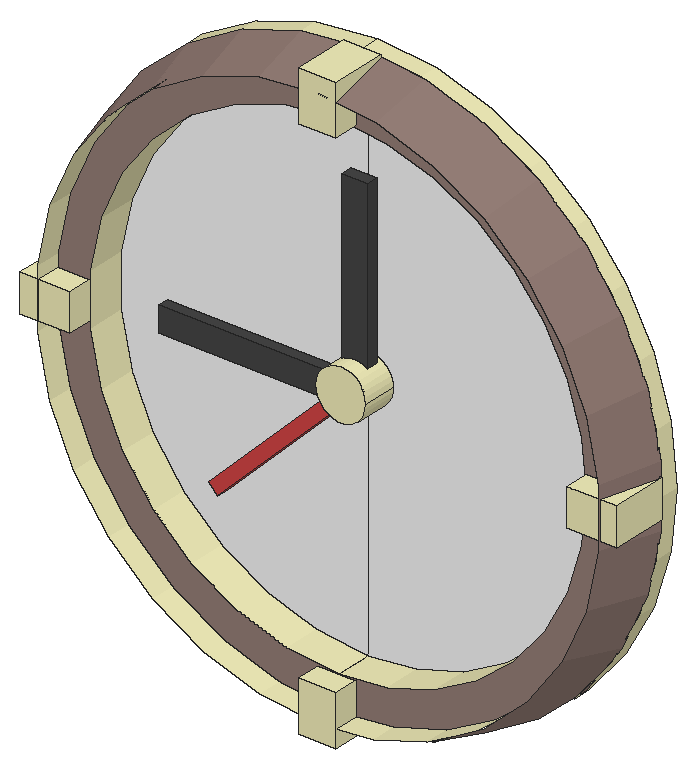
Revit family
Parameters (values of type "Clock - Analog")
  s = facrad * 0.8  # 0' - 4"
  m = facrad * 0.75  # 0' - 3 3/4"
  h = facrad * 0.5  # 0' - 2 1/2"
  facrad = rad - 0' 1"  # 0' - 5"
  facloc = Projection + 0' 0 1/2"  # 0' - 1 1/2"
  Warranty Duration (Years) = 1
  Test Data = ""
  Specification = "http://www.arcat.com/divs/sec/sec12460.shtml"
  Second Hand = yes
  Sales Information = ""
  Projection = 0' - 1"
  Product Properties = "http://www.arcat.com/bim/bim_info.pl?fn=Clock_Analog"
  Product Data = "http://www.arcat.com/divs/sec/sec12460.shtml"
  Power = "{9V Battery}{12VDC}"
  Model = "Generic"  # constant formula
  Manufacturer Website = "http://www.arcat.com/"
  Manufacturer Phone - Toll Free = ""
  Manufacturer Phone = "(203) 929-9444"  # constant formula
  Manufacturer Fax = "(203) 939-2444"  # constant formula
  Manufacturer Email = "bim@arcat.com"  # constant formula
  Manufacturer Address = "1077 Bridgeport Ave, Shelton, CT  06484"  # constant formula
  Manufacturer = "Generic"  # constant formula
  Maintenance Schedule (Months) = 6
  Keynote = "12460"
  Installation_Fabricaton = ""
  Installation Phase = ""
  Hands = ARCAT - Plastic - HDPE - Black
  Green Building-LEED = "http://www.arcat.com/green/green_building.shtml"
  Frame = ARCAT - Metal - Steel - BHMA637 - Bright Bronze
  Face = ARCAT - Plastic - HDPE - White
  Expected Lifespan (Years) = 15
  Drawn By = "Robert S. Weygant. CSI, CDT, SCIP"  # constant formula
  rad = Clock Diameter / 2  # 0' - 6"
  Description = "Analog Interior Clock"
  Copyright = "2008, ARCAT, Inc."  # constant formula
  Construction Details = "http://www.arcat.com/divs/sec/sec12460.shtml"
  Clock Diameter = 1' - 0"
  Building Codes = ""
  Assembly Code = "E1090"
  Accent = ARCAT - Metal - Brass - BHMA605 - Bright Brass
Reference planes (in)
  plane 1 "Center (Front/Back)": y = 0
  plane 2: z = 0
  plane 3 "Center (Left/Right)": x = 0
  plane 4: y = 0
  plane 5: x = 0
  plane 6: through (0, -180.25, 0) normal (-0.7071, 0, 0.7071)
  plane 7: through (0, -180.25, 0) normal (-0.7071, 0, -0.7071)
  plane 8: y = -1
  plane 9: y = -1.5
Forms (in)
  Extrusion 1, solid, not visible
    sketch origin (0, -0.25, 0) x (1, 0, 0) y (0, 0, 1)
      loop
        line (-0.22501, 6.24998) -> (-0.22501, 7.74673)
        arc (-0.22501, 7.74673) -> (-2.9721, 7.15745) -> (-5.32858, 5.6275) r 7.75
        line (-5.32858, 5.6275) -> (-4.3274, 4.59658) -> (-4.62783, 4.30481) -> (-5.62482, 5.33141)
        arc (-5.62482, 5.33141) -> (-7.16268, 2.95947) -> (-7.74758, 0.19379) r 7.75
        line (-7.74758, 0.19379) -> (-6.24998, 0.19379) -> (-6.24998, -0.22501) -> (-7.74673, -0.22501)
        arc (-7.74673, -0.22501) -> (-7.1567, -2.9739) -> (-5.62482, -5.33141) r 7.75
        line (-5.62482, -5.33141) -> (-4.62783, -4.30481) -> (-4.3274, -4.59658) -> (-5.32858, -5.6275)
        arc (-5.32858, -5.6275) -> (-2.9721, -7.15745) -> (-0.22501, -7.74673) r 7.75
        line (-0.22501, -7.74673) -> (-0.22501, -6.24998) -> (0.19379, -6.24998) -> (0.19379, -7.74758)
        arc (0.19379, -7.74758) -> (2.95767, -7.16343) -> (5.32858, -5.6275) r 7.75
        line (5.32858, -5.6275) -> (4.3274, -4.59658) -> (4.62783, -4.30481) -> (5.62482, -5.33141)
        arc (5.62482, -5.33141) -> (7.1567, -2.9739) -> (7.74673, -0.22501) r 7.75
        line (7.74673, -0.22501) -> (6.24998, -0.22501) -> (6.24998, 0.19379) -> (7.74758, 0.19379)
        arc (7.74758, 0.19379) -> (7.16268, 2.95947) -> (5.62482, 5.33141) r 7.75
        line (5.62482, 5.33141) -> (4.62783, 4.30481) -> (4.3274, 4.59658) -> (5.32858, 5.6275)
        arc (5.32858, 5.6275) -> (2.95767, 7.16343) -> (0.19379, 7.74758) r 7.75
        line (0.19379, 7.74758) -> (0.19379, 6.24998) -> (-0.22501, 6.24998)
      loop
        circle (0, 0) r 8
    from 0 to 0.25
  Revolve 2, solid, not visible
    sketch origin (0, 0, 0) x (1, 0, 0) y (0, 1, 0)
      loop
        line (0, 0) -> (0, -0.25) -> (8, -0.25) -> (8, -0.75) -> (9.17616, -0.5) -> (9.17616, 0) -> (0, 0)
      axis (0, -0.75) -> (0, 0)
    angle from 0 to 360
  Revolve 3, solid, material "ARCAT - Metal - Steel - BHMA637 - Bright Bronze" <- "Frame"
    sketch origin (0, 0, 0) x (0, -1, 0) y (0, 0, -1)
      loop
        line (-0.00213, -6) -> (0.35862, -6) -> (1.50294, -5.68179) -> (1, -5.68179) -> (1, -5) -> (0.24787, -5) -> (0.24787, 0) -> (-0.00213, 0) -> (-0.00213, -6)
      axis (-0.00213, 0) -> (1.50294, 0)
    angle from 0 to 360
  Extrusion 4, solid, material "ARCAT - Plastic - HDPE - Black" <- "Hands"
    sketch origin (0, -0.36156, 2.12633) x (1, 0, 0) y (0, 0, 1)
      loop
        line (0.26717, -2.12633) -> (0.26717, 1.62367) -> (-0.25309, 1.62367) -> (-0.25309, -2.12633) -> (0.26717, -2.12633)
    from 0 to 0.24074
  Extrusion 5, solid, material "ARCAT - Plastic - HDPE - Black" <- "Hands"
    sketch origin (-0.23499, -0.6023, 0.01591) x (0.818987, 0, -0.573812) y (0.573812, 0, 0.818987)
      loop
        line (-3.01762, -1.81875) -> (-2.73071, -2.22824) -> (0.34049, -0.07645) -> (0.05359, 0.33305) -> (-3.01762, -1.81875)
    from 0 to 0.23061
  Extrusion 6, solid, material "ARCAT - Metal - Brass - BHMA605 - Bright Brass" <- "Accent"
    sketch origin (0, -0.36156, 0) x (1, 0, 0) y (0, 0, 1)
      loop
        line (-0.39877, 5) -> (0.35123, 5) -> (0.35123, 6) -> (-0.39877, 6) -> (-0.39877, 5)
    from 0 to 1.13844
  Extrusion 7, solid, material "ARCAT - Metal - Brass - BHMA605 - Bright Brass" <- "Accent"
    sketch origin (0, -0.36156, 0) x (1, 0, 0) y (0, 0, 1)
      loop
        line (-0.39877, -5) -> (-0.39877, -6) -> (0.35123, -6) -> (0.35123, -5) -> (-0.39877, -5)
    from 0 to 1.13844
  Extrusion 8, solid, material "ARCAT - Metal - Brass - BHMA605 - Bright Brass" <- "Accent"
    sketch origin (0, -0.36156, 0) x (0, 0, 1) y (-1, 0, 0)
      loop
        line (-0.39877, -5) -> (-0.39877, -6) -> (0.35123, -6) -> (0.35123, -5) -> (-0.39877, -5)
    from 0 to 1.13844
  Extrusion 9, solid, material "ARCAT - Metal - Brass - BHMA605 - Bright Brass" <- "Accent"
    sketch origin (0, -0.36156, 0) x (0, 0, 1) y (-1, 0, 0)
      loop
        line (-0.39877, 5) -> (0.35123, 5) -> (0.35123, 6) -> (-0.39877, 6) -> (-0.39877, 5)
    from 0 to 1.13844
  Extrusion 10, solid, material "ARCAT - Plastic - HDPE - Red", visible <- "Second Hand"
    sketch origin (-1.70641, -0.36156, -1.89879) x (-0.707107, 0, 0.707107) y (-0.707107, 0, -0.707107)
      loop
        line (0.26717, -2.54926) -> (0.26717, 1.45074) -> (0.00491, 1.45074) -> (0.00491, -2.54926) -> (0.26717, -2.54926)
    from 0 to 0.24074
  Extrusion 11, solid, material "ARCAT - Metal - Brass - BHMA605 - Bright Brass" <- "Accent"
    sketch origin (0, 0, 0) x (1, 0, 0) y (0, 0, 1)
      loop
        circle (0, 0) r 0.5
    from 0 to 0.9377
Cuts and joins
  joined: Extrusion 4, Extrusion 5
Dimensions and locks (in)
  Extrusion 1 sketch curve to Extrusion 1 sketch curve = 0' - 0.41879"  (x4)
  Extrusion 1 sketch curve to Extrusion 1 sketch curve = 0' - 1.49675"  (x2)
  Extrusion 1 sketch curve to Extrusion 1 sketch curve = 0' - 1.49759"  (x2)
  Extrusion 1 sketch curve to Extrusion 1 sketch curve = 0' - 1.43104"  (x3)
  Extrusion 1 sketch curve to Extrusion 1 sketch curve = 0' - 1.43707"
  Revolve 2 sketch curve to Revolve 2 sketch curve = 0' - 8"
  Revolve 2 sketch curve to Revolve 2 sketch curve = 0' - 1.17616"
  "rad": Revolve 3 sketch curve to Revolve 3 sketch curve
  "Projection": plane 1 "Center (Front/Back)" to plane 8
  "facloc": plane 1 "Center (Front/Back)" to plane 9
  "facrad": Revolve 3 sketch curve to Revolve 3 sketch curve
  "m": cut or joined group of Extrusion 4, Extrusion 5 to cut or joined group of Extrusion 4, Extrusion 5
  "s": Extrusion 10 to Extrusion 10
  "facrad": plane 3 "Center (Left/Right)" to Extrusion 9 sketch curve
  "rad": plane 3 "Center (Left/Right)" to Extrusion 9 sketch curve
  "facrad": Extrusion 6 sketch curve to plane 2
  "rad": Extrusion 6 sketch curve to plane 2
  "facrad": Extrusion 8 sketch curve to plane 3 "Center (Left/Right)"
  "rad": Extrusion 8 sketch curve to plane 3 "Center (Left/Right)"
  "facrad": plane 2 to Extrusion 7 sketch curve
  "rad": plane 2 to Extrusion 7 sketch curve
  plane 3 "Center (Left/Right)" to cut or joined group of Extrusion 4, Extrusion 5 = 0' - 3 3/4"
  aligned and locked: Revolve 3 sketch curve to Revolve 3 sketch curve  (x2)
  aligned and locked: Revolve 3 sketch curve to plane 8
  aligned and locked: plane 9 to Extrusion 7
  aligned and locked: plane 9 to Extrusion 8
  aligned and locked: plane 9 to Extrusion 6
  aligned and locked: cut or joined group of Extrusion 4, Extrusion 5 to level
  aligned and locked: Revolve 3 sketch curve to plane 2
  aligned and locked: Extrusion 5 sketch curve to plane 3 "Center (Left/Right)"
  aligned and locked: plane 9 to Extrusion 9
Automatic sketch dimensions
  Revolve 3 sketch curve to plane 1 "Center (Front/Back)" = 0' - 6.50213"
  Revolve 3 sketch curve to plane 1 "Center (Front/Back)" = 0' - 0.00213"
  plane 1 "Center (Front/Back)" to Revolve 3 sketch curve = 0' - 0.24787"
  plane 1 "Center (Front/Back)" to Revolve 3 sketch curve = 0' - 0.35862"
  Revolve 3 sketch curve to Revolve 3 sketch curve = 0' - 0.50294"
  Revolve 3 sketch curve to Revolve 3 sketch curve = 0' - 10 1/4"
  Extrusion 4 sketch curve to plane 3 "Center (Left/Right)" = 0' - 0.25309"
  plane 3 "Center (Left/Right)" to Extrusion 4 sketch curve = 0' - 0.26717"
  level to Extrusion 5 sketch curve = 0' - 0.25792"
  Extrusion 5 sketch curve to Extrusion 5 sketch curve = 0' - 0.28691"
  Extrusion 6 sketch curve to plane 3 "Center (Left/Right)" = 0' - 0.39877"
  plane 3 "Center (Left/Right)" to Extrusion 6 sketch curve = 0' - 0.35123"
  Extrusion 7 sketch curve to plane 3 "Center (Left/Right)" = 0' - 0.39877"
  plane 3 "Center (Left/Right)" to Extrusion 7 sketch curve = 0' - 0.35123"
  Extrusion 8 sketch curve to level = 0' - 0.39877"
  level to Extrusion 8 sketch curve = 0' - 0.35123"
  Extrusion 9 sketch curve to level = 0' - 0.39877"
  level to Extrusion 9 sketch curve = 0' - 0.35123"
  Extrusion 10 sketch curve to level = 0' - 0.09272"
  plane 3 "Center (Left/Right)" to Extrusion 10 sketch curve = 0' - 0.09272"
  Extrusion 10 sketch curve to Extrusion 10 sketch curve = 0' - 0.26226"
  Extrusion 10 sketch curve to Extrusion 10 sketch curve = 0' - 4"
  Extrusion 11 sketch curve to level = 0' - 0"
  Extrusion 11 sketch curve to plane 3 "Center (Left/Right)" = 0' - 0"
  Extrusion 4 sketch curve to Extrusion 4 sketch curve = 0' - 3 3/4"
  Extrusion 4 sketch curve to level = 0' - 0"
  Revolve 3 sketch curve to Revolve 3 sketch curve = 0' - 0.31821"
  Extrusion 5 sketch curve to Extrusion 5 sketch curve = 0' - 3.0712"
  radius of Extrusion 11 sketch curve = 0' - 0 1/2"
